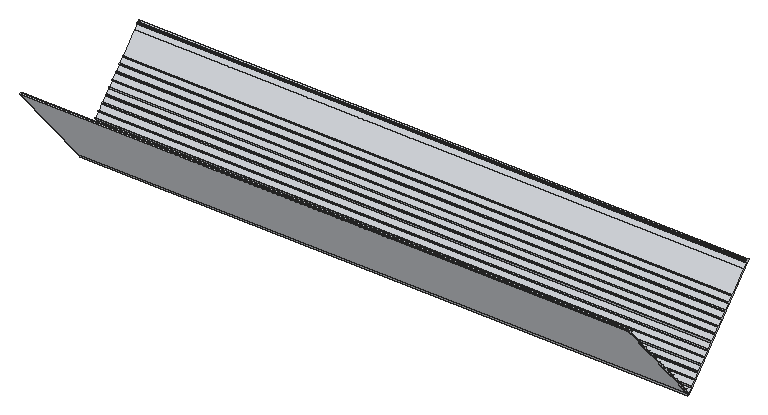
Revit family "Nedsale_kilgoot_op_rol_Line Based_2015", category Generic Models, Revit 2015
Parameters
  knik_B [instance] = 50.00°
  knik_A [instance] = 50.00°
  URL = "www.w3d-tekenbureau.nl"
  Manufacturer = "Nedsale BV"
  built-in parameter 1001306 [instance] = 1200 mm
  Description = "Kilgoot op rol"
Reference planes
  plane 1 "Center (Front/Back)": y = 0
  plane 2: z = 0
  plane 3 "Left": x = 0
  plane 4 "Right": x = 1200
Lines and regions (mm)
  reference lines
    curve 1: line (0, 0, 0) -> (1200, 0, 0)
    curve 2: line (0, 0, 0) -> (0, 221.762, 264.285)
    curve 3: line (0, 0, 0) -> (0, -221.762, 264.285)
Dimensions and locks
  "built-in parameter 1001306": plane 3 "Left" to plane 4 "Right"
  "knik_A": angle curve 2 to plane 2
  "knik_B": angle plane 2 to curve 3
  aligned and locked: plane 4 "Right" to curve 1
  aligned and locked: plane 1 "Center (Front/Back)" to curve 1
  aligned and locked: plane 3 "Left" to curve 1
  aligned and locked: level to plane 2
  aligned and locked: level to curve 3
  aligned and locked: plane 1 "Center (Front/Back)" to curve 3
  aligned and locked: nested 1 to curve 2  (x2)
  aligned and locked: nested 2 to curve 3
Nested families
  nested 1: "Nedsale_kilgoot_op_rol_Generic Model_2015" at (0, 0, 0) x (0, -0.6428, -0.766) z (1, 0, 0), lengte_kilgoot <- "built-in parameter 1001306", type "Nedsale_kilgoot_op_rol_Generic Model_2015"
    with lengte_kilgoot 1200 mm
  nested 2: "Nedsale_kilgoot_op_rol_Generic Model_2015" at (0, 0, 0) x (0, 0.6428, -0.766) z (1, 0, 0), lengte_kilgoot <- "built-in parameter 1001306", type "Nedsale_kilgoot_op_rol_Generic Model_2015"
    with lengte_kilgoot 1200 mm
Definition of nested family "Nedsale_kilgoot_op_rol_Generic Model_2015"
  Parameters (values of type "Nedsale_kilgoot_op_rol_Generic Model_2015")
    lengte_kilgoot [instance] = 1000 mm
    Default Elevation = 1219.2 mm
  Reference planes
    plane 1 "Center (Front/Back)": y = 0
    plane 2: z = 0
    plane 3 "Center (Left/Right)": x = 0
    plane 4: z = 1000
  Forms (mm)
    Extrusion 1, solid
      sketch origin (0, 0, 4.302) x (1, 0, 0) y (0, 1, 0)
        loop
          line (-228.241, 0) -> (0, 0) -> (1.341, 0.637) -> (-0.35, 4.302) -> (-1.869, 1) -> (-11.433, 1) -> (-12.898, 4.29) -> (-14.317, 1) -> (-24.019, 1) -> (-25.321, 4.223) -> (-26.812, 1) -> (-36.377, 1) -> (-37.802, 4.209) -> (-39.189, 1) -> (-48.788, 1) -> (-50.188, 4.2) -> (-51.827, 1) -> (-61.291, 1) -> (-62.727, 4.191) -> (-64.155, 1) -> (-73.806, 1) -> (-74.991, 4.182) -> (-76.415, 1) -> (-86.849, 1) -> (-88.881, 4.172) -> (-91.036, 1) -> (-101.107, 1) -> (-102.396, 2.967) -> (-103.735, 1) -> (-113.595, 1) -> (-114.856, 2.955) -> (-116.162, 1) -> (-126.124, 1) -> (-127.408, 2.744) -> (-128.573, 1) -> (-139.432, 1) -> (-141.062, 3.053) -> (-142.997, 1) -> (-153.512, 1) -> (-154.612, 2.984) -> (-155.953, 1) -> (-166.026, 1) -> (-167.267, 2.986) -> (-168.61, 1) -> (-211.55, 1) -> (-221.89, 1) -> (-222.331, 3.028) -> (-223.42, 3.028) -> (-223.992, 0.89) -> (-224.475, 3.041) -> (-225.667, 3.041) -> (-226.255, 0.774) -> (-228.241, 0.78) -> (-228.241, 0)
      from -4.302 to 995.698
  Dimensions and locks
    "lengte_kilgoot": level to plane 4
    aligned and locked: level to plane 2
    aligned and locked: plane 4 to Extrusion 1
    aligned and locked: Extrusion 1 to level
  Automatic sketch dimensions
    plane 1 "Center (Front/Back)" to Extrusion 1 sketch curve = 0 mm
    Extrusion 1 sketch curve to plane 3 "Center (Left/Right)" = 0 mm
    Extrusion 1 sketch curve to plane 3 "Center (Left/Right)" = 0.35 mm
    Extrusion 1 sketch curve to plane 3 "Center (Left/Right)" = 1.869 mm
    Extrusion 1 sketch curve to plane 1 "Center (Front/Back)" = 1 mm  (x14)
    Extrusion 1 sketch curve to Extrusion 1 sketch curve = 9.564 mm
    Extrusion 1 sketch curve to plane 1 "Center (Front/Back)" = 4.29 mm
    Extrusion 1 sketch curve to Extrusion 1 sketch curve = 1.465 mm
    Extrusion 1 sketch curve to Extrusion 1 sketch curve = 2.884 mm
    Extrusion 1 sketch curve to Extrusion 1 sketch curve = 9.702 mm
    Extrusion 1 sketch curve to plane 1 "Center (Front/Back)" = 4.223 mm
    Extrusion 1 sketch curve to Extrusion 1 sketch curve = 1.302 mm
    Extrusion 1 sketch curve to Extrusion 1 sketch curve = 2.793 mm
    Extrusion 1 sketch curve to Extrusion 1 sketch curve = 9.565 mm
    Extrusion 1 sketch curve to plane 1 "Center (Front/Back)" = 4.209 mm
    Extrusion 1 sketch curve to Extrusion 1 sketch curve = 1.425 mm
    Extrusion 1 sketch curve to Extrusion 1 sketch curve = 2.812 mm
    Extrusion 1 sketch curve to Extrusion 1 sketch curve = 9.599 mm
    Extrusion 1 sketch curve to plane 1 "Center (Front/Back)" = 4.2 mm
    Extrusion 1 sketch curve to Extrusion 1 sketch curve = 1.4 mm
    Extrusion 1 sketch curve to Extrusion 1 sketch curve = 3.04 mm
    Extrusion 1 sketch curve to Extrusion 1 sketch curve = 9.464 mm
    Extrusion 1 sketch curve to plane 1 "Center (Front/Back)" = 4.191 mm
    Extrusion 1 sketch curve to Extrusion 1 sketch curve = 1.436 mm
    Extrusion 1 sketch curve to Extrusion 1 sketch curve = 2.864 mm
    Extrusion 1 sketch curve to Extrusion 1 sketch curve = 9.65 mm
    Extrusion 1 sketch curve to plane 1 "Center (Front/Back)" = 4.182 mm
    Extrusion 1 sketch curve to Extrusion 1 sketch curve = 1.185 mm
    Extrusion 1 sketch curve to Extrusion 1 sketch curve = 2.61 mm
    Extrusion 1 sketch curve to Extrusion 1 sketch curve = 10.434 mm
    Extrusion 1 sketch curve to plane 1 "Center (Front/Back)" = 4.172 mm
    Extrusion 1 sketch curve to Extrusion 1 sketch curve = 2.032 mm
    Extrusion 1 sketch curve to Extrusion 1 sketch curve = 2.155 mm
    Extrusion 1 sketch curve to Extrusion 1 sketch curve = 10.071 mm
    Extrusion 1 sketch curve to plane 1 "Center (Front/Back)" = 2.967 mm
    Extrusion 1 sketch curve to Extrusion 1 sketch curve = 1.289 mm
    Extrusion 1 sketch curve to Extrusion 1 sketch curve = 1.338 mm
    Extrusion 1 sketch curve to Extrusion 1 sketch curve = 9.86 mm
    Extrusion 1 sketch curve to plane 1 "Center (Front/Back)" = 2.955 mm
    Extrusion 1 sketch curve to Extrusion 1 sketch curve = 1.262 mm
    Extrusion 1 sketch curve to Extrusion 1 sketch curve = 1.306 mm
    Extrusion 1 sketch curve to Extrusion 1 sketch curve = 9.962 mm
    Extrusion 1 sketch curve to plane 1 "Center (Front/Back)" = 2.744 mm
    Extrusion 1 sketch curve to Extrusion 1 sketch curve = 1.284 mm
    Extrusion 1 sketch curve to Extrusion 1 sketch curve = 1.165 mm
    Extrusion 1 sketch curve to Extrusion 1 sketch curve = 10.859 mm
    Extrusion 1 sketch curve to plane 1 "Center (Front/Back)" = 3.053 mm
    Extrusion 1 sketch curve to Extrusion 1 sketch curve = 1.63 mm
    Extrusion 1 sketch curve to Extrusion 1 sketch curve = 1.934 mm
    Extrusion 1 sketch curve to Extrusion 1 sketch curve = 10.515 mm
    Extrusion 1 sketch curve to plane 1 "Center (Front/Back)" = 2.984 mm
    Extrusion 1 sketch curve to Extrusion 1 sketch curve = 1.1 mm
    Extrusion 1 sketch curve to Extrusion 1 sketch curve = 1.342 mm
    Extrusion 1 sketch curve to Extrusion 1 sketch curve = 10.073 mm
    Extrusion 1 sketch curve to plane 1 "Center (Front/Back)" = 2.986 mm
    Extrusion 1 sketch curve to Extrusion 1 sketch curve = 1.241 mm
    Extrusion 1 sketch curve to Extrusion 1 sketch curve = 1.343 mm
    Extrusion 1 sketch curve to Extrusion 1 sketch curve = 42.941 mm
    Extrusion 1 sketch curve to Extrusion 1 sketch curve = 10.34 mm
    Extrusion 1 sketch curve to plane 1 "Center (Front/Back)" = 3.028 mm  (x2)
    Extrusion 1 sketch curve to Extrusion 1 sketch curve = 0.44 mm
    Extrusion 1 sketch curve to Extrusion 1 sketch curve = 1.09 mm
    Extrusion 1 sketch curve to plane 1 "Center (Front/Back)" = 0.89 mm
    Extrusion 1 sketch curve to Extrusion 1 sketch curve = 2.102 mm
    Extrusion 1 sketch curve to plane 1 "Center (Front/Back)" = 3.041 mm  (x2)
    Extrusion 1 sketch curve to Extrusion 1 sketch curve = 1.055 mm
    Extrusion 1 sketch curve to Extrusion 1 sketch curve = 1.192 mm
    Extrusion 1 sketch curve to plane 1 "Center (Front/Back)" = 0.774 mm
    Extrusion 1 sketch curve to Extrusion 1 sketch curve = 2.263 mm
    Extrusion 1 sketch curve to Extrusion 1 sketch curve = 1.986 mm
    Extrusion 1 sketch curve to plane 1 "Center (Front/Back)" = 0.637 mm
    plane 3 "Center (Left/Right)" to Extrusion 1 sketch curve = 1.341 mm
    Extrusion 1 sketch curve to Extrusion 1 sketch curve = 0.78 mm
    Extrusion 1 sketch curve to Extrusion 1 sketch curve = 3.302 mm
